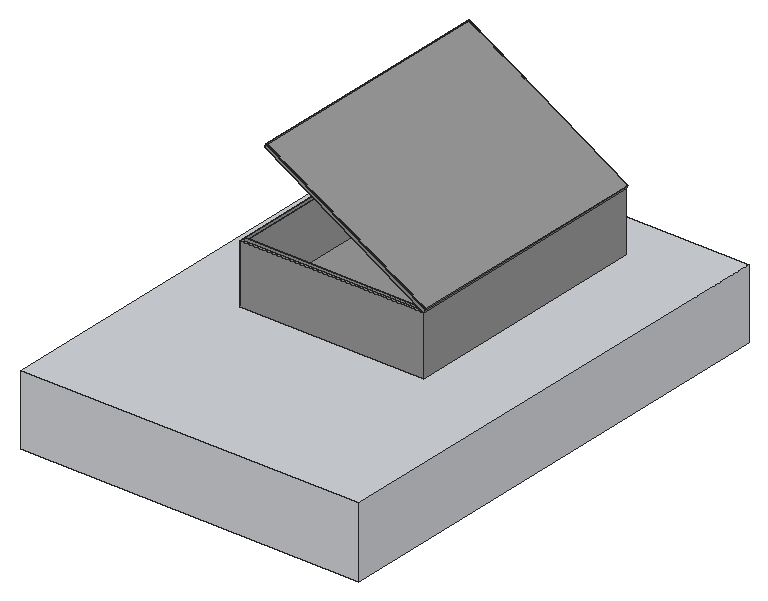
Revit family "Hager-Univers-IP55-D275-H1100-Cl.I-Steel_encl-CH-fr", category Equipement électrique, Revit 2020
Family settings
  Hôte = Face
  Configuration du panneau = Deux colonnes, circuits au sein
  Cote de connecteur circulaire = Utiliser le diamètre
  Type d'élément = Tableau de raccordement
  Couper avec des vides une fois chargée = Non
  Partagée = Non
  Point de calcul de pièce = Non
Parameters (values of type "saillie IP55 L800 H1100 P275  - FR73E")
  Width Control [instance] = if([EF000008 - largeur] > Min Width, [EF000008 - largeur], Min Width)  # 800 mm
  Commentaires du type = [HG000003 - Gamme]  # "Univers"
  Thickness Door [instance] = if([EF009171 - épaisseur de matériau de la porte/du couvercle] > 3 mm, 3 mm, [EF009171 - épaisseur de matériau de la porte/du couvercle])  # 1.5 mm
  Seal Frame Offset [instance] = 17 mm  # constant formula
  Plinth Visibility [instance] = [HG000027 - Hauteur du socle] > 0 mm  # no
  Model = ""
  Min Width [instance] = 100 mm  # constant formula
  Min Height [instance] = 100 mm  # constant formula
  Min Depth [instance] = (2 * [EF009170 - épaisseur de matériau du boîtier]) + 1 mm  # 4 mm
  Internal Frame Depth [instance] = (Door System Depth * 0.5)  # 9 mm
  Height Control [instance] = if([EF000040 - hauteur] > Min Height, [EF000040 - hauteur], Min Height)  # 1100 mm
  HG000027 - Hauteur du socle = 0 mm
  HG000026 - Installation au sol = no
  HG000024 - Hauteur de la section basse = 800 mm
  HG000023 - Armoire double section = no
  HG000016 - Visibilité de la porte 3D [instance] = yes
  HG000015 - Visibilité de l'emprise de la porte [instance] = no
  HG000014 - Porte à droite [instance] = yes
  HG000013 - Porte à gauche [instance] = not([HG000014 - Porte à droite])  # no
  HG000012 - Angle de pivotement de la porte [instance] = 30.00°
  HG000010 - Portes asymétriques = no
  HG000009 - Porte à double battant = no
  HG000006 - Encastré = no
  HG000004 - Référence fabricant = "FR73E"
  HG000003 - Gamme = "Univers"
  HG000002 - avec porte = yes
  Frame Offset Bottom [instance] = 10 mm  # constant formula
  Frame Offset [instance] = 15 mm  # constant formula
  EF015940 - couvercle avec décharge de pression = no
  EF011959 - degré de protection (NEMA) = ""
  EF009554 - nombre d'ouvertures pour plaques à bride = 6
  Fabricant = "Hager"  # constant formula
  EF009212 - finition du couvercle = "EV000116 - fermé"
  EF009171 - épaisseur de matériau de la porte/du couvercle = 1.5 mm
  EF009170 - épaisseur de matériau du boîtier = 1.5 mm
  EF008873 - courant nominal (In) = 800 A
  EF007800 - adapté à un parafoudre = no
  EF006306 - avec serrure = no
  EF006244 - couvercle/porte transparent(e) = no
  EF005474 - indice de protection (IP) = "EV006420 - IP55"
  EF004464 - type de porte = "EV002646 - unique"
  EF004427 - nombre de modules = 252
  EF004293 - indice de protection contre les chocs (IK) = "EV008784 - IK10"
  EF003532 - convient pour utilisation à l’extérieur = no
  EF002950 - largeur en nombre de modules = 24
  EF001613 - maintien de fonction = "EV000494 - sans"
  EF001596 - matériau du boîtier/corps = "EV000179 - acier"
  EF001131 - profondeur intérieure = 275 mm
  EF001088 - possibilité de montage en saillie = yes
  EF000437 - nombre d'entrées de conduit = 6
  EF000339 - type de capot = "EV004216 - porte"
  EF000266 - nombre de rangées = 7
  EF000218 - profondeur d'encastrement = 0 mm
  EF000118 - avec cadre/support de montage = no
  EF000116 - numéro RAL = "7035"
  EF000049 - profondeur = 275 mm
  EF000040 - hauteur = 1100 mm
  EF000008 - largeur = 800 mm
  EF000007 - couleur = "EV000270 - gris"
  EF000003 - mode de pose = "EV000384 - saillie"
  Door System Leaf Tolerance [instance] = 1.5 mm  # constant formula
  Door System Depth [instance] = 18 mm  # constant formula
  Door Height [instance] = Height Control - [HG000027 - Hauteur du socle]  # 1100 mm
  Depth Control [instance] = if([EF000049 - profondeur] > Min Depth, [EF000049 - profondeur], Min Depth)  # 275 mm
  Default Elevation = 0 mm
  Connector Offset [instance] = Height Control / 2  # 550 mm
  Bottom Top Plate Trim [instance] = 1.5 mm  # constant formula
  Plinth height Ctrl [instance] = if([HG000027 - Hauteur du socle] > 0 mm, [HG000027 - Hauteur du socle], 12 mm)  # 12 mm
Types (5, lengths in mm): name | Width Control | HG000010 - Portes asymétriques | HG000009 - Porte à double battant | HG000004 - Référence fabricant | EF009554 - nombre d'ouvertures pour plaques à bride | EF004464 - type de porte | EF004427 - nombre de modules | EF000437 - nombre d'entrées de conduit | EF000008 - largeur
  saillie IP55 L1050 H1100 P275  - FR74E | 1050 | no | yes | "FR74E" | 8 | "EV003602 - double" | 336 | 8 | 1050
  saillie IP55 L1300 H1100 P275  - FR75E | 1300 | yes | yes | "FR75E" | 10 | "EV003602 - double" | 420 | 10 | 1300
  saillie IP55 L300 H1100 P275  - FR71E | 300 | no | no | "FR71E" | 2 | "EV002646 - unique" | 84 | 2 | 300
  saillie IP55 L550 H1100 P275  - FR72E | 550 | no | no | "FR72E" | 4 | "EV002646 - unique" | 168 | 4 | 550
  saillie IP55 L800 H1100 P275  - FR73E | 800 | no | no | "FR73E" | 6 | "EV002646 - unique" | 252 | 6 | 800
Reference planes
  plane 1 "Center (Front/Back)": y = 0
  plane 2: z = 0
  plane 3 "Center (Left/Right)": x = 0
  plane 4: z = 275
  plane 5: y = 1.5
  plane 6: y = 550
  plane 7: y = 0
  plane 8: y = 1100
  plane 9: z = 0
  plane 10: x = -385
  plane 11: x = 385
  plane 12: x = 383.5
  plane 13: x = -383.5
  plane 14: y = 1098.5
  plane 15: x = -383
  plane 16: x = -400
  plane 17: x = 383
  plane 18: x = 400
  plane 19: x = 398.5
  plane 20: x = -398.5
  plane 21: y = 11.5
  plane 22: y = 1100
  plane 23: y = 1083.5
  plane 24: z = 257
  plane 25: z = 1.5
  plane 26: z = 255.5
  plane 27: z = 273.5
Forms (mm)
  Extrusion 1, solid
    sketch origin (0, 0, 0) x (1, 0, 0) y (0, 1, 0)
      loop
        line (-702.964, 1305) -> (-702.964, -811.445) -> (766.763, -811.445) -> (766.763, 1305) -> (-702.964, 1305)
    from 0 to -304.8
  Extrusion 2, solid, material "Hager_Steel_RAL7035_Light_Grey", visible <- "Plinth Visibility", detail levels medium+fine
    sketch origin (0, 0, 0) x (1, 0, 0) y (0, 1, 0)
      loop
        line (-400, 0) -> (400, 0) -> (400, 12) -> (-400, 12) -> (-400, 0)
    from 0 to 257
  Extrusion 3, solid, material "Hager_Steel_RAL7035_Light_Grey", detail levels medium+fine
    sketch origin (0, 0, 0) x (1, 0, 0) y (0, 1, 0)
      loop
        line (-400, 0) -> (400, 0) -> (400, 1100) -> (-400, 1100) -> (-400, 0)
    from 0 to 257
  Extrusion 4, void
    sketch origin (0, 0, 0) x (1, 0, 0) y (0, 1, 0)
      loop
        line (-398.5, 1.5) -> (398.5, 1.5) -> (398.5, 1098.5) -> (-398.5, 1098.5) -> (-398.5, 1.5)
    from 1.5 to 255.5
  Extrusion 5, void
    sketch origin (-381.607, -4572, 257) x (0, -1, 0) y (-1, 0, 0)
      loop
        line (-4583.5, 1.893) -> (-5655.5, 1.893) -> (-5655.5, -765.107) -> (-4583.5, -765.107) -> (-4583.5, 1.893)
    from 0 to 1.5 <- "EF009170 - épaisseur de matériau du boîtier"
  Extrusion 6, solid, material "Hager_Steel_RAL7035_Light_Grey", detail levels fine
    sketch origin (0, 0, 257) x (1, 0, 0) y (0, 1, 0)
      loop
        line (-383.5, 1083.5) -> (-383.5, 11.5) -> (383.5, 11.5) -> (383.5, 1083.5) -> (-383.5, 1083.5)
      loop
        line (-385, 10) -> (385, 10) -> (385, 1085) -> (-385, 1085) -> (-385, 10)
    from 0 to 9 <- "Internal Frame Depth"
  Extrusion 7, solid, material "Hager_Steel_RAL7035_Light_Grey", detail levels coarse
    sketch origin (0, 0, 0) x (1, 0, 0) y (0, 1, 0)
      loop
        line (-400, 0) -> (400, 0) -> (400, 1100) -> (-400, 1100) -> (-400, 0)
    from 0 to 275
  Sweep 8, void
    path in 3D
      loop
        line (-400, 12, 0) -> (400, 12, 0) -> (400, 12, 257) -> (-400, 12, 257) -> (-400, 12, 0)
    profile origin (-400, 12, 128.5) x (-1, 0, 0) y (0, -1, 0)
      loop
        line (0, 0) -> (0, 1.5) -> (-1.5, 1.5)
        arc (-1.5, 1.5) -> (-1.061, 0.439) -> (0, 0) r 1.5
Cuts and joins
  Extrusion 4, Extrusion 5 cuts Extrusion 3
  Sweep 8 cuts Extrusion 2
Lines and regions (mm)
  Masking region 1
    outline origin (0, 0, 0) x (1, 0, 0) y (0, 0, 1)
      loop
        line (-400, 275) -> (-400, 0) -> (400, 0) -> (400, 275) -> (-400, 275)
  Masking region 2, detail levels medium+fine
    outline origin (0, 140, 0) x (0, 1, 0) y (0, 0, 1)
      loop
        line (-140, 0) -> (960, 0) -> (960, 257) -> (-140, 257) -> (-140, 0)
  Masking region 3, not visible, detail levels medium+fine
    outline origin (0, 297.922, 0) x (0, 1, 0) y (0, 0, 1)
      loop
        line (263.578, 0) -> (303.578, 0) -> (303.578, 263.5)
        arc (303.578, 263.5) -> (300.649, 270.571) -> (293.578, 273.5) r 10
        line (293.578, 273.5) -> (263.578, 273.5) -> (263.578, 0)
  Masking region 4, detail levels coarse
    outline origin (0, 0, 180) x (0, 1, 0) y (0, 0, 1)
      loop
        line (0, -180) -> (1100, -180) -> (1100, 95) -> (0, 95) -> (0, -180)
  Masking region 5, visible <- "Plinth Visibility", detail levels medium+fine
    outline origin (0, 52.24, 12.345) x (0, 0, -1) y (0, 1, 0)
      loop
        line (10.845, -40.24) -> (-243.155, -40.24)
        arc (-243.155, -40.24) -> (-243.594, -41.301) -> (-244.655, -41.74) r 1.5
        line (-244.655, -41.74) -> (-244.655, -52.24) -> (12.345, -52.24) -> (12.345, -41.74)
        arc (12.345, -41.74) -> (11.285, -41.301) -> (10.845, -40.24) r 1.5
  Masking region 6, detail levels medium+fine
    outline origin (-381.607, -4572, 257) x (-1, 0, 0) y (0, -1, 0)
      loop
        line (18.393, -5672) -> (18.393, -4572) -> (-781.607, -4572) -> (-781.607, -5672) -> (18.393, -5672)
  Masking region 7, visible <- "Plinth Visibility", detail levels medium+fine
    outline origin (-381.607, -4727, 257) x (-1, 0, 0) y (0, -1, 0)
      loop
        arc (16.893, -4739) -> (17.332, -4737.939) -> (18.393, -4737.5) r 1.5
        line (18.393, -4737.5) -> (18.393, -4727) -> (-781.607, -4727) -> (-781.607, -4737.5)
        arc (-781.607, -4737.5) -> (-780.546, -4737.939) -> (-780.107, -4739) r 1.5
        line (-780.107, -4739) -> (16.893, -4739)
  Masking region 8, detail levels coarse
    outline origin (-442.548, -4669.526, 257) x (-1, 0, 0) y (0, -1, 0)
      loop
        line (-42.548, -5769.526) -> (-42.548, -4669.526) -> (-842.548, -4669.526) -> (-842.548, -5769.526) -> (-42.548, -5769.526)
  sketch lines
    curve 1: line (-400, 12, 257) -> (-400, 12, 0)
    curve 2: line (400, 12, 257) -> (-400, 12, 257)
    curve 3: line (400, 12, 257) -> (400, 12, 0)
    curve 4: line (-400, 12, 0) -> (400, 12, 0)
Dimensions and locks
  "Depth Control": plane 4 to Extrusion 1
  "HG000027 - Hauteur du socle": plane 1 "Center (Front/Back)" to plane 7
  "EF009170 - épaisseur de matériau du boîtier": plane 5 to plane 7
  locked: connector elem to plane 3 "Center (Left/Right)"
  equal spacing: plane 8, plane 6, plane 7
  locked: connector elem to plane 6
  "EF009170 - épaisseur de matériau du boîtier": plane 8 to plane 14
  "EF009170 - épaisseur de matériau du boîtier": plane 10 to plane 13
  "EF009170 - épaisseur de matériau du boîtier": plane 12 to plane 11
  "Frame Offset": plane 20 to plane 13
  "Frame Offset": plane 12 to plane 19
  "EF009170 - épaisseur de matériau du boîtier": plane 16 to plane 20
  "EF009170 - épaisseur de matériau du boîtier": plane 19 to plane 18
  "Seal Frame Offset": plane 16 to plane 15
  "Seal Frame Offset": plane 17 to plane 18
  "Frame Offset Bottom": plane 21 to plane 5
  "Frame Offset": plane 14 to plane 23
  equal spacing: plane 16, plane 3 "Center (Left/Right)", plane 18
  "Width Control": plane 16 to plane 18
  "EF009170 - épaisseur de matériau du boîtier": plane 4 to plane 27
  "EF009170 - épaisseur de matériau du boîtier": plane 24 to plane 26
  "EF009170 - épaisseur de matériau du boîtier": plane 25 to level
  "Door System Depth": plane 4 to plane 24
  "Height Control": plane 1 "Center (Front/Back)" to Extrusion 7 sketch curve
  "Height Control": Masking region 4 sketch curve to plane 1 "Center (Front/Back)"
  "Height Control": plane 1 "Center (Front/Back)" to plane 22
  "Bottom Top Plate Trim": profile plane to Sweep 8 sketch curve
  "Bottom Top Plate Trim": Sweep 8 sketch curve to profile plane
  "Plinth height Ctrl": plane 1 "Center (Front/Back)" to Extrusion 2 sketch curve
  "Plinth height Ctrl": Masking region 5 sketch curve to plane 1 "Center (Front/Back)"
  "Plinth height Ctrl": plane 1 "Center (Front/Back)" to Masking region 7 sketch curve
  "Thickness Door": Extrusion 6 sketch curve to Extrusion 6 sketch curve  (x3)
  "Thickness Door": cut or joined group of Extrusion 3, Extrusion 4, Extrusion 5 to Extrusion 6 sketch curve
  radius of Masking region 3 sketch curve = 10 mm
  "Bottom Top Plate Trim": radius of Masking region 5 sketch curve  (x2)
  "Bottom Top Plate Trim": radius of Sweep 8 sketch curve
  "Bottom Top Plate Trim": radius of Masking region 7 sketch curve  (x2)
  aligned and locked: plane 2 to Extrusion 1
  aligned and locked: level to Extrusion 1
  aligned and locked: level to Masking region 1 sketch curve
  aligned and locked: Masking region 1 sketch curve to plane 18
  aligned and locked: Masking region 1 sketch curve to plane 16
  aligned and locked: plane 7 to Masking region 2 sketch curve
  aligned and locked: level to Masking region 3 sketch curve
  aligned and locked: Masking region 3 sketch curve to plane 27
  aligned and locked: level to Masking region 2 sketch curve
  aligned and locked: plane 1 "Center (Front/Back)" to Extrusion 2 sketch curve
  aligned and locked: Extrusion 3 sketch curve to plane 7
  aligned and locked: plane 16 to Extrusion 3 sketch curve
  aligned and locked: plane 18 to Extrusion 3 sketch curve
  aligned and locked: plane 20 to Extrusion 4 sketch curve
  aligned and locked: plane 19 to Extrusion 4 sketch curve
  aligned and locked: Extrusion 4 sketch curve to plane 5
  aligned and locked: Extrusion 4 to plane 25
  aligned and locked: plane 26 to Extrusion 4
  aligned and locked: plane 24 to Extrusion 3
  aligned and locked: Extrusion 5 sketch curve to plane 21
  aligned and locked: Extrusion 5 sketch curve to plane 13
  aligned and locked: Extrusion 5 sketch curve to plane 12
  aligned and locked: plane 18 to Extrusion 7 sketch curve
  aligned and locked: plane 1 "Center (Front/Back)" to Extrusion 7 sketch curve
  aligned and locked: plane 16 to Extrusion 7 sketch curve
  aligned and locked: plane 4 to Extrusion 7
  aligned and locked: Extrusion 7 to level
  aligned and locked: level to Masking region 4 sketch curve
  aligned and locked: Masking region 4 sketch curve to plane 1 "Center (Front/Back)"
  aligned and locked: Masking region 4 sketch curve to plane 4
  aligned and locked: nested 1 to level
  aligned and locked: nested 1 to plane 16
  aligned and locked: plane 8 to Extrusion 3 sketch curve
  aligned and locked: plane 23 to Extrusion 5 sketch curve
  aligned and locked: plane 14 to Extrusion 4 sketch curve
  aligned and locked: Masking region 2 sketch curve to plane 8
  aligned and locked: level to Masking region 5 sketch curve
  aligned and locked: plane 16 to Extrusion 2 sketch curve
  aligned and locked: plane 18 to Extrusion 2 sketch curve
  aligned and locked: Masking region 5 sketch curve to plane 24
  aligned and locked: Masking region 2 sketch curve to plane 24
  aligned and locked: plane 24 to Extrusion 2
  aligned and locked: profile plane to Sweep 8 sketch curve  (x2)
  aligned and locked: Masking region 6 sketch curve to plane 18
  aligned and locked: Masking region 6 sketch curve to plane 22
  aligned and locked: Masking region 6 sketch curve to plane 16
  aligned and locked: plane 8 to plane 22
  aligned and locked: Masking region 6 sketch curve to plane 7
  aligned and locked: Masking region 7 sketch curve to plane 16
  aligned and locked: Masking region 7 sketch curve to plane 1 "Center (Front/Back)"
  aligned and locked: Masking region 7 sketch curve to plane 18
  aligned and locked: Masking region 8 sketch curve to plane 1 "Center (Front/Back)"
  aligned and locked: Masking region 8 sketch curve to plane 18
  aligned and locked: Masking region 8 sketch curve to plane 22
  aligned and locked: Masking region 8 sketch curve to plane 16
  aligned and locked: nested 2 to plane 7
  aligned and locked: plane 3 "Center (Left/Right)" to nested 2
  aligned and locked: nested 2 to plane 24
  aligned and locked: Extrusion 6 sketch curve to cut or joined group of Extrusion 3, Extrusion 4, Extrusion 5  (x4)
Automatic sketch dimensions
  Extrusion 1 sketch curve to Extrusion 1 sketch curve = 1469.727 mm
  Extrusion 1 sketch curve to Extrusion 1 sketch curve = 2116.445 mm
  Masking region 1 sketch curve to plane 4 = 0 mm
  plane 6 to Masking region 3 sketch curve = 11.5 mm
  Masking region 3 sketch curve to Masking region 3 sketch curve = 30 mm
  Masking region 5 sketch curve to plane 1 "Center (Front/Back)" = 0 mm
Nested families
  nested 1: "Hager_Enclosure_Symbol" at (-400, 0, 0) x (1, 0, 0) z (0, -1, 0), Height <- "Depth Control", Width <- "Width Control", type "Hager_Enclosure_Symbol"
    with Width_Ctrl 800 mm, Width 800 mm, Height_Ctrl 275 mm, Height 275 mm, A_Width_Int 18.047 mm, A_Width 216.562 mm, A_Height_Ctrl 240.625 mm, A_Height 240.625 mm
  nested 2: "EC000058_Univers_Door" at (0, 0, 257) x (1, 0, 0) z (0, 1, 0), Leaf_Tolerance <- "Door System Leaf Tolerance", Angle <- "HG000012 - Angle de pivotement de la porte", Door_Depth <- "Door System Depth", Door_Left <- "HG000013 - Porte à gauche", Transparent <- "EF006244 - couvercle/porte transparent(e)", Assymetrical <- "HG000010 - Portes asymétriques", Width <- "Width Control", Clearance <- "HG000015 - Visibilité de l'emprise de la porte", Double <- "HG000009 - Porte à double battant", 3d_Door <- "HG000016 - Visibilité de la porte 3D", Lock_Visibility <- "EF006306 - avec serrure", Width_Ctrl <- "Width Control", Door_Right <- "HG000014 - Porte à droite", Door <- "HG000002 - avec porte", Height <- "Door Height", Thickness <- "Thickness Door", type "EC000058_Univers_Door", detail levels medium+fine
    with min_wh 4 mm, Width_Ctrl 800 mm, Width 800 mm, Transparent no, Thickness 1.5 mm, Seal_Material Hager_Rubber, Lock_Visibility no, Lock_Material Hager_Plastic_RAL9005_Jet_Black, Leaf_Width 800 mm, Leaf_Tolerance_External_Sides 0 mm, Leaf_Tolerance 1.5 mm, Leaf_Offset 0 mm, Leaf_Height 1097 mm, Leaf_2_Width 800 mm, Leaf_2_Offset 400 mm, Leaf_1_Width 800 mm, Leaf_1_Offset 400 mm, Height_Ctrl 1100 mm, Height 1100 mm, Glass_Material Hager_Glass, Double_Clearance_Ctrl no, Double no, Door_Right_Ctrl yes, Door_Right yes, Door_Material Hager_Steel_RAL7035_Light_Grey, Door_Left_Ctrl no, Door_Left no, Door_Depth 18 mm, Door yes, Clearance_Material Hager_Clearance, Clearance_Depth 800 mm, Clearance_Ctrl no, Clearance no, Assymetrical no, Angle 30.00°, 3d_Door yes
Connectors
  electrical at (0, 550, 0)
    settings: on plane 9, index 1, voltage 0 V, apparent load 0 VA, apparent load phase1 0 VA, apparent load phase2 0 VA, apparent load phase3 0 VA, power factor 1, load classification "Other", number of poles 1, system type 30, power factor state 1, is connector primary yes, connector utility no, sub classification motor no, connector description ""
Definition of nested family "EC000058_Univers_Door"
  Parameters (values of type "EC000058_Univers_Door")
    min_wh [instance] = (2 * Thickness) + 1 mm  # 11 mm
    Width_Ctrl [instance] = 400 mm
    Width [instance] = 500 mm
    Transparent [instance] = yes
    Thickness [instance] = 5 mm
    Seal_Material [instance] = none
    Lock_Visibility [instance] = yes
    Lock_Material [instance] = none
    Leaf_Width [instance] = if((Width_Ctrl - 2 * Leaf_Tolerance_External_Sides) > 0 mm, (Width_Ctrl - 2 * Leaf_Tolerance_External_Sides), min_wh)  # 400 mm
    Leaf_Tolerance_External_Sides [instance] = 0 mm  # constant formula
    Leaf_Tolerance [instance] = 1.5 mm
    Leaf_Offset [instance] = 0 mm  # constant formula
    Leaf_Height [instance] = if((Height_Ctrl - 2 * Leaf_Tolerance) > 0 mm, (Height_Ctrl - 2 * Leaf_Tolerance), min_wh)  # 497 mm
    Leaf_2_Width [instance] = if(and(and(Double, Assymetrical), Door_Left), (Leaf_Width / 3) - (Leaf_Tolerance / 2), if(and(and(Double, Assymetrical), Door_Right), (Leaf_Width / 3) * 2 - (Leaf_Tolerance / 2), if(and(Double, not(Assymetrical)), (Leaf_Width / 2) - Leaf_Tolerance, Leaf_Width)))  # 400 mm
    Leaf_2_Offset [instance] = if(and(Double, Assymetrical), Leaf_2_Width / 2, if(and(Double, not(Assymetrical)), Leaf_Width / 4, Leaf_Width / 2))  # 200 mm
    Leaf_1_Width [instance] = if(and(and(Double, Assymetrical), Door_Right), (Leaf_Width / 3) - (Leaf_Tolerance / 2), if(and(and(Double, Assymetrical), Door_Left), (Width / 3) * 2 - (Leaf_Tolerance / 2), if(and(Double, not(Assymetrical)), (Leaf_Width / 2) - Leaf_Tolerance, Leaf_Width)))  # 400 mm
    Leaf_1_Offset [instance] = if(and(Double, Assymetrical), Leaf_1_Width / 2, if(and(Double, not(Assymetrical)), Leaf_Width / 4, Leaf_Width / 2))  # 200 mm
    Height_Ctrl [instance] = if(Height > min_wh, Height, min_wh)  # 500 mm
    Height [instance] = 500 mm
    Glass_Material [instance] = none
    Double_Clearance_Ctrl [instance] = and(Double, Clearance)  # no
    Double [instance] = no
    Door_Right_Ctrl [instance] = and(or(Door_Right, Double), Door)  # yes
    Door_Right [instance] = yes
    Door_Material [instance] = none
    Door_Left_Ctrl [instance] = and(or(Door_Left, Double), Door)  # no
    Door_Left [instance] = no
    Door_Depth [instance] = 30 mm
    Door [instance] = yes
    Default Elevation = 1219.2 mm
    Clearance_Material [instance] = none
    Clearance_Depth [instance] = if(Leaf_1_Width > Leaf_2_Width, Leaf_1_Width, Leaf_2_Width)  # 400 mm
    Clearance_Ctrl [instance] = and(not(Double), Clearance)  # yes
    Clearance [instance] = yes
    Assymetrical [instance] = yes
    Angle [instance] = 30.00°
    3d_Door [instance] = yes
  Reference planes
    plane 1 "Center (Front/Back)": y = 0
    plane 2 "Bottom": z = 0
    plane 3 "Center (Left/Right)": x = 0
    plane 4: z = 500
    plane 5: x = -200
    plane 6: x = 200
    plane 7: z = 500
    plane 8: x = -200
    plane 9: z = 0
    plane 10: x = 200
    plane 11: y = 0
    plane 12: z = 1.5
    plane 13: x = -600
    plane 14: y = -400
    plane 15: x = 600
    plane 16: x = 0
    plane 17: x = 0
    plane 18: x = -200
    plane 19: x = 200
    plane 20: z = 498.5
  Forms (mm)
    Extrusion 1, solid, material <- "Clearance_Material", visible <- "Double_Clearance_Ctrl"
      sketch origin (1200, 0, 0) x (1, 0, 0) y (0, 0, -1)
        loop
          line (-1800, -498.5) -> (-600, -498.5) -> (-600, 0) -> (-1800, 0) -> (-1800, -498.5)
      from 0 to -400
  Dimensions and locks
    equal spacing: plane 5, plane 3 "Center (Left/Right)", plane 6
    "Width_Ctrl": plane 5 to plane 6
    "Leaf_Offset": plane 5 to plane 8
    "Leaf_Offset": plane 6 to plane 10
    "Leaf_Offset": plane 9 to level
    "Leaf_Offset": plane 4 to plane 7
    "Height_Ctrl": plane 4 to level
    "Leaf_Tolerance": plane 12 to plane 9
    locked: plane 11 to plane 1 "Center (Front/Back)"
    "Leaf_1_Offset": plane 18 to plane 16
    "Leaf_2_Offset": plane 17 to plane 19
    "Leaf_1_Width": plane 13 to plane 8
    "Leaf_2_Width": plane 10 to plane 15
    "Clearance_Depth": plane 14 to plane 1 "Center (Front/Back)"
    "Leaf_Tolerance_External_Sides": plane 8 to plane 18
    "Leaf_Tolerance_External_Sides": plane 19 to plane 10
    "Leaf_Tolerance": plane 7 to plane 20
    aligned and locked: level to plane 2 "Bottom"
    aligned and locked: nested 1 to plane 16
    aligned and locked: nested 2 to plane 17
    aligned and locked: Extrusion 1 to plane 13
    aligned and locked: plane 15 to Extrusion 1
    aligned and locked: Extrusion 1 to plane 14
    aligned and locked: plane 12 to nested 1
    aligned and locked: nested 2 to plane 12
    aligned and locked: Extrusion 1 to plane 11
    aligned and locked: plane 20 to Extrusion 1
    aligned and locked: nested 2 to plane 11
    aligned and locked: nested 1 to plane 11
  Automatic sketch dimensions
    Extrusion 1 sketch curve to level = 0 mm
    plane 5 to Extrusion 1 sketch curve = 400 mm
    plane 6 to Extrusion 1 sketch curve = 400 mm
    Extrusion 1 sketch curve to plane 4 = 1.5 mm
  Nested families
    nested 1: "EC000058_Univers_Door_Leaf" at (0, 0, 1.5), Width <- "Leaf_1_Width", visible <- "Door_Left_Ctrl", Leaf_Height <- "Leaf_Height", Angle <- "Angle", 3d_Door <- "3d_Door", Transparent <- "Transparent", Clearance Material <- "Clearance_Material", Clearance <- "Clearance_Ctrl", Door_Material <- "Door_Material", Glass_Material <- "Glass_Material", Door_Depth <- "Door_Depth", Lock_Material <- "Lock_Material", Seal_Material <- "Seal_Material", Lock_Visibility <- "Lock_Visibility", Thickness <- "Thickness", type "EC000058_Univers_Door_Leaf"
      with Width 400 mm, Transparent_Glass_Offset 30 mm, Transparent_Ctrl yes, Transparent yes, Thickness 5 mm, Standard no, Seal_Material none, Seal_D2 8 mm, Seal_D1 1 mm, Offset_Internal_Frame 10 mm, Lock_Width 20 mm, Lock_Visibility_3d yes, Lock_Visibility yes, Lock_Thickness_3 3 mm, Lock_Thickness_2 1 mm, Lock_Thickness_1 3 mm, Lock_Radius_Offset_2 16 mm, Lock_Radius_Offset_1 15 mm, Lock_Radius_2 5 mm, Lock_Radius 6 mm, Lock_Offset 5 mm, Lock_Material none, Lock_Height 80 mm, Lock_Cover_Top_Offset_2d 17 mm, Lock_Cover_Height -65 mm, Leaf_Height 497 mm, Internal_Seal_Thickness 8 mm, Internal_Seal_Depth_2 4.5 mm, Internal_Frame_Depth 25 mm, Glass_Thickness -1 mm, Glass_Offset -2 mm, Glass_Material none, Door_Material none, Door_Depth 30 mm, Clearance Material none, Clearance yes, Angle_Ctrl 30.00°, Angle 30.00°, 3d_Door yes
    nested 2: "EC000058_Univers_Door_Leaf" at (0, 0, 1.5) x (-1, 0, 0) z (0, 0, 1), Width <- "Leaf_2_Width", visible <- "Door_Right_Ctrl", Leaf_Height <- "Leaf_Height", Angle <- "Angle", 3d_Door <- "3d_Door", Transparent <- "Transparent", Clearance Material <- "Clearance_Material", Clearance <- "Clearance_Ctrl", Door_Material <- "Door_Material", Glass_Material <- "Glass_Material", Door_Depth <- "Door_Depth", Lock_Material <- "Lock_Material", Seal_Material <- "Seal_Material", Lock_Visibility <- "Lock_Visibility", Thickness <- "Thickness", type "EC000058_Univers_Door_Leaf"
      with Width 400 mm, Transparent_Glass_Offset 30 mm, Transparent_Ctrl yes, Transparent yes, Thickness 5 mm, Standard no, Seal_Material none, Seal_D2 8 mm, Seal_D1 1 mm, Offset_Internal_Frame 10 mm, Lock_Width 20 mm, Lock_Visibility_3d yes, Lock_Visibility yes, Lock_Thickness_3 3 mm, Lock_Thickness_2 1 mm, Lock_Thickness_1 3 mm, Lock_Radius_Offset_2 16 mm, Lock_Radius_Offset_1 15 mm, Lock_Radius_2 5 mm, Lock_Radius 6 mm, Lock_Offset 5 mm, Lock_Material none, Lock_Height 80 mm, Lock_Cover_Top_Offset_2d 17 mm, Lock_Cover_Height -65 mm, Leaf_Height 497 mm, Internal_Seal_Thickness 8 mm, Internal_Seal_Depth_2 4.5 mm, Internal_Frame_Depth 25 mm, Glass_Thickness -1 mm, Glass_Offset -2 mm, Glass_Material none, Door_Material none, Door_Depth 30 mm, Clearance Material none, Clearance yes, Angle_Ctrl 30.00°, Angle 30.00°, 3d_Door yes
  Definition of nested family "EC000058_Univers_Door_Leaf"
    Parameters (values of type "EC000058_Univers_Door_Leaf")
      Width [instance] = 2000 mm
      Transparent_Glass_Offset [instance] = 30 mm
      Transparent_Ctrl [instance] = and(Transparent, [3d_Door])  # yes
      Transparent [instance] = yes
      Thickness [instance] = 5 mm
      Standard [instance] = and(not(Transparent), [3d_Door])  # no
      Seal_Material [instance] = none
      Seal_D2 [instance] = 8 mm  # constant formula
      Seal_D1 [instance] = 1 mm  # constant formula
      Offset_Internal_Frame [instance] = 10 mm  # constant formula
      Lock_Width [instance] = 20 mm  # constant formula
      Lock_Visibility_3d [instance] = and(Lock_Visibility, [3d_Door])  # yes
      Lock_Visibility [instance] = yes
      Lock_Thickness_3 [instance] = 3 mm  # constant formula
      Lock_Thickness_2 [instance] = 1 mm  # constant formula
      Lock_Thickness_1 [instance] = 3 mm  # constant formula
      Lock_Radius_Offset_2 [instance] = Lock_Radius_Offset_1 + 1 mm  # 16 mm
      Lock_Radius_Offset_1 [instance] = 15 mm  # constant formula
      Lock_Radius_2 [instance] = Lock_Radius - 1 mm  # 5 mm
      Lock_Radius [instance] = 6 mm  # constant formula
      Lock_Offset [instance] = 5 mm  # constant formula
      Lock_Material [instance] = none
      Lock_Height [instance] = 80 mm  # constant formula
      Lock_Cover_Top_Offset_2d [instance] = Lock_Radius_Offset_2 + 1 mm  # 17 mm
      Lock_Cover_Height [instance] = -(Lock_Height - Lock_Radius_Offset_1)  # -65 mm
      Leaf_Height [instance] = 2720.336 mm
      Internal_Seal_Thickness [instance] = 8 mm  # constant formula
      Internal_Seal_Depth_2 [instance] = 4.5 mm  # constant formula
      Internal_Frame_Depth [instance] = if(Door_Depth - Thickness > 5 mm, Door_Depth - Thickness, 5 mm)  # 25 mm
      Glass_Thickness [instance] = if(Thickness > 15 mm, Glass_Offset + 10 mm, -1 mm)  # -1 mm
      Glass_Offset [instance] = if(Thickness > 15 mm, -(Thickness + 10 mm) / 2, -2 mm)  # -2 mm
      Glass_Material [instance] = none
      Door_Material [instance] = none
      Door_Depth [instance] = 30 mm
      Default Elevation = 0 mm
      Clearance Material [instance] = none
      Clearance [instance] = yes
      Angle_Ctrl [instance] = if(Angle > 180.00°, 180.00°, Angle)  # 90.00°
      Angle [instance] = 90.00°
      3d_Door [instance] = yes
    Reference planes
      plane 1 "Center (Front/Back)": y = 0
      plane 2: z = 0
      plane 3 "Center (Left/Right)": x = 0
      plane 4: y = 2000
      plane 5: x = -1000
      plane 6: x = 1000
      plane 7: x = -3000
      plane 8: z = 2720.336
      plane 9: z = 30
      plane 10: z = 2690.336
      plane 11: x = 970
      plane 12: x = -970
      plane 13: y = -3
      plane 14: z = 107.833
      plane 15: y = -5
      plane 16: y = -223.314
      plane 17: x = -1000
      plane 18: z = 1360.168
      plane 19: y = 30
    Forms (mm)
      Extrusion 1, solid, material <- "Clearance Material", visible <- "Clearance"
        sketch origin (0, 0, 0) x (1, 0, 0) y (0, 0, 1)
          loop
            line (-3000, 2720.336) -> (-3000, 0) -> (1000, 0) -> (1000, 2720.336) -> (-3000, 2720.336)
        from 0 to -2000
      Extrusion 2, solid, material <- "Door_Material", visible <- "Standard", detail levels medium+fine
        sketch origin (-1000, 0, 0) x (0, 1, 0) y (-1, 0, 0)
          loop
            line (0, 30) -> (0, 25) -> (2000, 25) -> (2000, 30) -> (0, 30)
        from 0 to 2720.336 <- "Leaf_Height"
      Extrusion 3, solid, material <- "Door_Material", visible <- "Transparent_Ctrl", detail levels medium+fine
        sketch origin (-1000, 0, 0) x (0, 1, 0) y (-1, 0, 0)
          loop
            line (0, 25) -> (2000, 25) -> (2000, 30) -> (0, 30) -> (0, 25)
        from 0 to 2720.336 <- "Leaf_Height"
      Extrusion 4, void
        sketch origin (-1025, 2000, 0) x (0, 1, 0) y (0, 0, -1)
          loop
            line (-30, -2690.336) -> (-30, -30) -> (-1970, -30) -> (-1970, -2690.336) -> (-30, -2690.336)
        from 0 to 5 <- "Thickness"
      Sweep 5, solid, material <- "Seal_Material", visible <- "Transparent_Ctrl", detail levels fine
        path in 3D
          loop
            line (-1025, 30, 30) -> (-1025, 30, 2690.336) -> (-1025, 1970, 2690.336) -> (-1025, 1970, 30) -> (-1025, 30, 30)
        profile origin (-1025, 1000, 30) x (1, 0, 0) y (0, 0, 1)
          loop
            line (0, 0) -> (0, -8) -> (1, -8) -> (1, 0) -> (0, 0)
      Extrusion 6, solid, material <- "Glass_Material", visible <- "Transparent_Ctrl", detail levels medium+fine
        sketch origin (-1030, 0, 0) x (0, 1, 0) y (0, 0, -1)
          loop
            line (1970, -2690.336) -> (1970, -30) -> (30, -30) -> (30, -2690.336) -> (1970, -2690.336)
        from -2 <- "Glass_Offset" to -1 <- "Glass_Thickness"
      Extrusion 7, solid, material <- "Door_Material", visible <- "3d_Door", detail levels medium+fine
        sketch origin (-1025, 2000, 0) x (0, -1, 0) y (0, 0, -1)
          loop
            line (0, -2720.336) -> (2000, -2720.336) -> (2000, 0) -> (0, 0) -> (0, -2720.336)
          loop
            line (1995, -5) -> (5, -5) -> (5, -2715.336) -> (1995, -2715.336) -> (1995, -5)
        from 0 to 25 <- "Internal_Frame_Depth"
      Sweep 8, solid, material <- "Seal_Material", visible <- "Transparent_Ctrl", detail levels fine
        path in 3D
          loop
            line (-1025, 0, 0) -> (-1025, 2000, 0) -> (-1025, 2000, 2720.336) -> (-1025, 0, 2720.336) -> (-1025, 0, 0)
        profile origin (-1025, 0, 1360.168) x (1, 0, 0) y (0, 1, 0)
          loop
            line (0, 10) -> (2.975, 10)
            arc (2.975, 10) -> (4.053, 10.447) -> (4.5, 11.525) r 1.525
            line (4.5, 11.525) -> (4.5, 16.527)
            arc (4.5, 16.527) -> (4.069, 17.569) -> (3.027, 18) r 1.473
            line (3.027, 18) -> (0, 18) -> (0, 10)
      Extrusion 9, solid, material <- "Lock_Material", visible <- "Lock_Visibility_3d", detail levels fine
        sketch origin (-1030, 0, 0) x (0, 1, 0) y (0, 0, -1)
          loop
            arc (1993.5, -1400.168) -> (1994.561, -1399.729) -> (1995, -1398.668) r 1.5
            line (1995, -1398.668) -> (1995, -1320.168) -> (1975, -1320.168) -> (1975, -1398.668)
            arc (1975, -1398.668) -> (1975.439, -1399.729) -> (1976.5, -1400.168) r 1.5
            line (1976.5, -1400.168) -> (1993.5, -1400.168)
        from 3 <- "Lock_Thickness_1" to 0
      Blend 10, solid, material <- "Lock_Material", visible <- "Lock_Visibility_3d", detail levels fine
        base sketch origin (-1033, 0, 0) x (0, 1, 0) y (0, 0, -1)
          loop
            line (1975, -1320.168) -> (1975, -1398.668)
            arc (1975, -1398.668) -> (1975.439, -1399.729) -> (1976.5, -1400.168) r 1.5
            line (1976.5, -1400.168) -> (1993.5, -1400.168)
            arc (1993.5, -1400.168) -> (1994.561, -1399.729) -> (1995, -1398.668) r 1.5
            line (1995, -1398.668) -> (1995, -1320.168) -> (1975, -1320.168)
        top sketch origin (-1033, 0, 0) x (0, 1, 0) y (0, 0, -1)
          loop
            line (1976, -1320.168) -> (1976, -1398.668)
            arc (1976, -1398.668) -> (1976.146, -1399.022) -> (1976.5, -1399.168) r 0.5
            line (1976.5, -1399.168) -> (1993.5, -1399.168)
            arc (1993.5, -1399.168) -> (1993.854, -1399.022) -> (1994, -1398.668) r 0.5
            line (1994, -1398.668) -> (1994, -1320.168) -> (1976, -1320.168)
        from 0 to 1 <- "Lock_Thickness_2"
      Blend 11, solid, material <- "Lock_Material", visible <- "Lock_Visibility_3d", detail levels fine
        base sketch origin (-1034, 0, 0) x (0, 1, 0) y (0, 0, -1)
          loop
            line (1978, -1320.168) -> (1978, -1384.168)
            arc (1978, -1384.168) -> (1985, -1391.168) -> (1992, -1384.168) r 7
            line (1992, -1384.168) -> (1992, -1320.168) -> (1978, -1320.168)
        top sketch origin (-1034, 0, 0) x (0, 1, 0) y (0, 0, -1)
          loop
            line (1991, -1320.168) -> (1979, -1320.168) -> (1979, -1383.168)
            arc (1979, -1383.168) -> (1985, -1389.168) -> (1991, -1383.168) r 6
            line (1991, -1383.168) -> (1991, -1320.168)
        from 0 to 3 <- "Lock_Thickness_3"
      Extrusion 12, solid, material <- "Lock_Material", visible <- "Lock_Visibility_3d", detail levels fine
        sketch origin (-1030, 1975, 1320.168) x (1, 0, 0) y (0, -1, 0)
          loop
            line (-7, -19) -> (-7, -1) -> (0, -1) -> (0, 0) -> (-8, 0) -> (-8, -20) -> (0, -20) -> (0, -19) -> (-7, -19)
        from 0 to -65 <- "Lock_Cover_Height"
      Extrusion 13, void
        sketch origin (-1038, 1995, 1320.168) x (-1, 0, 0) y (0, 0, -1)
          loop
            line (-5, -65) -> (0, -65) -> (-5, -60) -> (-5, -65)
        from 0 to 20 <- "Lock_Width"
      Extrusion 14, void
        sketch origin (-1038, 1975, 1320.168) x (0, -1, 0) y (0, 0, -1)
          loop
            circle (-10, -15.995) r 6
          loop
            circle (-10, -15.995) r 5
        from 0 to 2
      Extrusion 15, solid, material <- "Lock_Material", visible <- "Lock_Visibility_3d", detail levels medium
        sketch origin (-1030, 0, 0) x (0, 1, 0) y (0, 0, -1)
          loop
            arc (1993.5, -1400.168) -> (1994.561, -1399.729) -> (1995, -1398.668) r 1.5
            line (1995, -1398.668) -> (1995, -1320.168) -> (1975, -1320.168) -> (1975, -1398.668)
            arc (1975, -1398.668) -> (1975.439, -1399.729) -> (1976.5, -1400.168) r 1.5
            line (1976.5, -1400.168) -> (1993.5, -1400.168)
        from 8 to 0
    Cuts and joins
      Extrusion 4 cuts Extrusion 3
      Extrusion 13, Extrusion 14 cuts Extrusion 9
      Extrusion 14 cuts Blend 11
      Extrusion 13, Extrusion 14 cuts Extrusion 12
      joined: Extrusion 9, Blend 10, Blend 11, Extrusion 12
      Extrusion 14 cuts Extrusion 15
    Lines and regions (mm)
      Masking region 1, visible <- "Lock_Visibility", detail levels fine
        outline origin (0, 0, 0) x (0, 1, 0) y (0, 0, 1)
          loop
            line (30, 1320.168) -> (33, 1320.168) -> (33, 1400.168) -> (30, 1400.168) -> (30, 1320.168)
      Masking region 2, visible <- "Lock_Visibility", detail levels fine
        outline origin (0, 3.143, 0) x (0, 1, 0) y (0, 0, 1)
          loop
            line (29.857, 1354.168) -> (30.857, 1354.168) -> (30.857, 1366.168) -> (29.857, 1366.168) -> (29.857, 1354.168)
      Masking region 3, detail levels medium+fine
        outline origin (0, 0, 0) x (0, 1, 0) y (0, 0, 1)
          loop
            line (0, 0) -> (30, 0) -> (30, 2720.336) -> (0, 2720.336) -> (0, 0)
      Masking region 4, detail levels medium+fine
        outline origin (0, 0, 0) x (1, 0, 0) y (0, 0, 1)
          loop
            line (-1000, 2720.336) -> (-1000, 0) -> (1000, 0) -> (1000, 2720.336) -> (-1000, 2720.336)
      Masking region 5, visible <- "Lock_Visibility", detail levels fine
        outline origin (-47.116, 0, 0) x (1, 0, 0) y (0, 0, 1)
          loop
            arc (1024.616, 1399.168) -> (1023.556, 1398.729) -> (1023.116, 1397.668) r 1.5
            line (1023.116, 1397.668) -> (1023.116, 1320.168) -> (1041.116, 1320.168) -> (1041.116, 1397.668)
            arc (1041.116, 1397.668) -> (1040.677, 1398.729) -> (1039.616, 1399.168) r 1.5
            line (1039.616, 1399.168) -> (1024.616, 1399.168)
      Masking region 6, visible <- "Lock_Visibility", detail levels medium+fine
        outline origin (-25, 0, 0) x (1, 0, 0) y (0, 0, 1)
          loop
            arc (1001.5, 1400.168) -> (1000.439, 1399.729) -> (1000, 1398.668) r 1.5
            line (1000, 1398.668) -> (1000, 1320.168) -> (1020, 1320.168) -> (1020, 1398.668)
            arc (1020, 1398.668) -> (1019.561, 1399.729) -> (1018.5, 1400.168) r 1.5
            line (1018.5, 1400.168) -> (1001.5, 1400.168)
      Masking region 7, visible <- "Lock_Visibility", detail levels fine
        outline origin (-73.735, 0, 0) x (1, 0, 0) y (0, 0, 1)
          loop
            line (1051.735, 1382.168) -> (1065.735, 1382.168) -> (1065.735, 1384.168)
            arc (1065.735, 1384.168) -> (1058.735, 1391.168) -> (1051.735, 1384.168) r 7
            line (1051.735, 1384.168) -> (1051.735, 1382.168)
      Masking region 8, visible <- "Lock_Visibility", detail levels fine
        outline origin (-73.735, 0, 0) x (1, 0, 0) y (0, 0, 1)
          loop
            line (1052.735, 1382.168) -> (1064.735, 1382.168) -> (1064.735, 1383.168)
            arc (1064.735, 1383.168) -> (1058.735, 1389.168) -> (1052.735, 1383.168) r 6
            line (1052.735, 1383.168) -> (1052.735, 1382.168)
      Masking region 9, visible <- "Lock_Visibility", detail levels fine
        outline origin (-25, 0, 0) x (1, 0, 0) y (0, 0, 1)
          loop
            line (1020, 1320.168) -> (1020, 1382.168) -> (1000, 1382.168) -> (1000, 1320.168) -> (1020, 1320.168)
      Masking region 10, detail levels medium+fine
        outline origin (0, 0, 0) x (1, 0, 0) y (0, 0, 1)
          loop
            circle (985, 1335.144) r 6
      Masking region 11, detail levels fine
        outline origin (0, 0, 0) x (1, 0, 0) y (0, 0, 1)
          loop
            circle (985, 1335.144) r 5
      Masking region 12, visible <- "Lock_Visibility", detail levels fine
        outline origin (0, 12.767, 0) x (0, 1, 0) y (0, 0, 1)
          loop
            line (20.233, 1320.168) -> (21.233, 1320.168) -> (21.233, 1399.168) -> (20.233, 1400.168) -> (20.233, 1320.168)
      Masking region 13, visible <- "Lock_Visibility", detail levels fine
        outline origin (0, 13.767, -10) x (0, 1, 0) y (0, 0, 1)
          loop
            line (20.233, 1330.168) -> (23.233, 1330.168) -> (23.233, 1399.168) -> (20.233, 1402.168) -> (20.233, 1330.168)
      Masking region 14, visible <- "Lock_Visibility", detail levels fine
        outline origin (0, 12.767, -10) x (0, 1, 0) y (0, 0, 1)
          loop
            line (20.233, 1330.168) -> (25.233, 1330.168) -> (25.233, 1399.305) -> (20.233, 1394.305) -> (20.233, 1330.168)
      Masking region 15, visible <- "Lock_Visibility", detail levels medium
        outline origin (0, 0, 0) x (0, 1, 0) y (0, 0, 1)
          loop
            line (30, 1320.168) -> (38, 1320.168) -> (38, 1400.168) -> (30, 1400.168) -> (30, 1320.168)
      Masking region 16, visible <- "Lock_Visibility", detail levels fine
        outline origin (-1000, 0, 0) x (0, 1, 0) y (-1, 0, 0)
          loop
            line (1975, 30) -> (1995, 30) -> (1995, 38) -> (1975, 38) -> (1975, 30)
          loop
            line (1979, 37) -> (1976, 37) -> (1976, 34) -> (1978, 34) -> (1979, 37)
          loop
            line (1994, 37) -> (1991, 37) -> (1992, 34) -> (1994, 34) -> (1994, 37)
      Masking region 17, visible <- "Lock_Visibility", detail levels medium
        outline origin (-1000, 0, 0) x (0, 1, 0) y (-1, 0, 0)
          loop
            line (1975, 30) -> (1995, 30) -> (1995, 38) -> (1975, 38) -> (1975, 30)
      symbolic lines
        curve 1: line (1000, 0, 0) -> (-3000, 0, 0)
        curve 2: arc (1000, 0, 0) -> (-1000, 2000, 0) -> (-3000, 0, 0) r 2000
        curve 4: line (-1030, 0, 0) -> (-1030, 2000, 0)
      reference lines
        curve 3: line (-1000, 0, 0) -> (-1000, 2000, 0)
      symbolic lines, detail levels medium+fine
        curve 5: line (-1030, 2000, 0) -> (-1025, 2000, 0)
        curve 7: line (-1025, 0, 0) -> (-1030, 0, 0)
        curve 8: line (-1025, 0, 0) -> (-1000, 0, 0)
        curve 9: line (-1000, 0, 0) -> (-1000, 2000, 0)
        curve 10: line (-1000, 2000, 0) -> (-1025, 2000, 0)
      symbolic lines, detail levels fine
        curve 6: line (-1025, 2000, 0) -> (-1025, 0, 0)
      sketch lines
        curve 11: line (-1025, 0, 2720.336) -> (-1025, 0, 0)
        curve 12: line (-1025, 2000, 0) -> (-1025, 0, 0)
        curve 13: line (-1025, 2000, 2720.336) -> (-1025, 2000, 0)
        curve 14: line (-1025, 0, 2720.336) -> (-1025, 2000, 2720.336)
        curve 15: line (-1025, 1970, 30) -> (-1025, 30, 30)
        curve 16: line (-1025, 30, 30) -> (-1025, 30, 2690.336)
        curve 17: line (-1025, 1970, 2690.336) -> (-1025, 1970, 30)
        curve 18: line (-1025, 30, 2690.336) -> (-1025, 1970, 2690.336)
      symbolic lines, visible <- "Transparent", detail levels medium+fine
        curve 19: line (-970, 0, 2690.336) -> (970, 0, 2690.336)
        curve 20: line (-970, 0, 30) -> (-970, 0, 2690.336)
        curve 21: line (970, 0, 30) -> (-970, 0, 30)
        curve 22: line (970, 0, 2690.336) -> (970, 0, 30)
    Dimensions and locks
      "Width": plane 1 "Center (Front/Back)" to plane 4
      equal spacing: plane 5, plane 3 "Center (Left/Right)", plane 6
      "Width": plane 5 to plane 6
      "Width": plane 7 to plane 5
      "Leaf_Height": plane 8 to level
      "Width": curve 5 to curve 3
      "Width": curve 3 to curve 3
      plane 8 to plane 10 = 30 mm
      plane 9 to level = 30 mm
      plane 12 to plane 5 = 30 mm
      plane 6 to plane 11 = 30 mm
      Extrusion 1 to Extrusion 4 sketch curve = 30 mm
      "Transparent_Glass_Offset": curve 3 to Extrusion 4 sketch curve
      "Transparent_Glass_Offset": Extrusion 4 sketch curve to cut or joined group of Extrusion 3, Extrusion 4  (x2)
      cut or joined group of Extrusion 3, Extrusion 4 to Extrusion 6 sketch curve = 30 mm
      "Transparent_Glass_Offset": cut or joined group of Extrusion 3, Extrusion 4 to Extrusion 4 sketch curve
      "Thickness": curve 6 to curve 4
      "Thickness": Extrusion 7 sketch curve to Extrusion 7 sketch curve  (x4)
      "Door_Depth": curve 4 to curve 3
      "Offset_Internal_Frame": profile plane to Sweep 8 sketch curve
      "Internal_Seal_Thickness": Sweep 8 sketch curve to Sweep 8 sketch curve
      "Internal_Seal_Depth_2": profile plane to Sweep 8 sketch curve
      "Seal_D1": profile plane to Sweep 5 sketch curve
      "Seal_D2": profile plane to Sweep 5 sketch curve
      "Thickness": Extrusion 2 sketch curve to Extrusion 2 sketch curve
      equal spacing: Extrusion 9 sketch curve, plane 18, Extrusion 9 sketch curve  (x2)
      equal spacing: Masking region 1 sketch curve, plane 18, Masking region 1 sketch curve
      "Lock_Height": Masking region 1 sketch curve to Masking region 1 sketch curve
      "Lock_Radius": Masking region 2 sketch curve to plane 18 to Masking region 2 sketch curve
      Masking region 2 sketch curve to Masking region 1 = 1 mm
      "Door_Depth": plane 19 to plane 1 "Center (Front/Back)"
      "Lock_Thickness_1": Masking region 1 sketch curve to plane 19
      "Lock_Width": Extrusion 9 sketch curve to Extrusion 9 sketch curve
      "Lock_Height": Extrusion 9 sketch curve to Extrusion 9 sketch curve
      "Lock_Offset": cut or joined group of Extrusion 3, Extrusion 4 to Extrusion 9 sketch curve
      equal spacing: plane 8, plane 18, level
      "Lock_Radius_Offset_1": Blend 11 sketch curve to Blend 10
      locked: Blend 10 to Blend 11 sketch curve at 2  (x2)
      locked: var sketch to Blend 11 sketch curve at 1  (x2)
      "Lock_Radius_Offset_2": Blend 11 sketch curve to Blend 10
      locked: Extrusion 12 sketch curve to Extrusion 12 sketch curve at 1  (x3)
      Masking region 6 sketch curve to Masking region 6 sketch curve = 80 mm
      "Lock_Height": Masking region 6 sketch curve to Masking region 6 sketch curve
      "Lock_Width": Masking region 6 sketch curve to Masking region 6 sketch curve
      locked: Masking region 6 to Masking region 5 sketch curve at 1  (x3)
      locked: Masking region 5 to Masking region 7 sketch curve at 2  (x2)
      "Lock_Radius_Offset_1": Masking region 5 to Masking region 7 sketch curve
      "Lock_Radius_Offset_2": Masking region 5 to Masking region 8 sketch curve
      locked: Masking region 7 to Masking region 8 sketch curve at 1  (x2)
      "Lock_Cover_Top_Offset_2d": Masking region 5 to Masking region 9 sketch curve
      equal spacing: Masking region 9, Masking region 10 sketch curve, Masking region 9
      equal spacing: Masking region 9, Masking region 11 sketch curve, Masking region 9
      Extrusion 15 sketch curve to Extrusion 15 sketch curve = 80 mm
      "Lock_Width": Extrusion 15 sketch curve to Extrusion 15 sketch curve
      "Lock_Height": Extrusion 15 sketch curve to Extrusion 15 sketch curve
      equal spacing: Extrusion 15 sketch curve, plane 18, Extrusion 15 sketch curve
      "Lock_Thickness_3": Masking region 13 sketch curve to Masking region 13 sketch curve
      "Lock_Height": Masking region 12 sketch curve to Masking region 12 sketch curve
      locked: Masking region 13 sketch curve to Masking region 1 at 8
      locked: Masking region 14 sketch curve to Masking region 13 at 1
      locked: Masking region 14 sketch curve to Masking region 1 at 10.863
      "Lock_Height": Masking region 15 sketch curve to Masking region 15 sketch curve
      "Lock_Offset": Extrusion 15 sketch curve to cut or joined group of Extrusion 3, Extrusion 4
      "Lock_Offset": plane 6 to Masking region 6 sketch curve
      radius of Sweep 8 sketch curve = 1.525 mm
      radius of Sweep 8 sketch curve = 1.473 mm
      radius of Extrusion 9 sketch curve = 1.5 mm  (x2)
      "Lock_Radius": radius of Extrusion 14 sketch curve
      "Lock_Radius_2": radius of Extrusion 14 sketch curve
      "Lock_Radius": radius of Masking region 10 sketch curve
      "Lock_Radius_2": radius of Masking region 11 sketch curve
      radius of Extrusion 15 sketch curve = 1.5 mm  (x2)
      "Angle_Ctrl": angle plane 1 "Center (Front/Back)" to curve 3
      locked: Masking region 12 sketch curve to Masking region 12 sketch curve (angle 45.00°)
      locked: Masking region 13 sketch curve to Masking region 13 sketch curve (angle 45.00°)
      locked: Masking region 14 sketch curve to Masking region 14 sketch curve (angle 45.00°)
      aligned and locked: level to plane 2
      aligned and locked: Extrusion 1 to curve 1
      aligned and locked: plane 6 to Extrusion 1
      aligned and locked: Extrusion 1 to plane 1 "Center (Front/Back)"
      aligned and locked: plane 4 to Extrusion 1
      aligned and locked: plane 8 to Extrusion 1
      aligned and locked: curve 7 to Extrusion 2 sketch curve
      aligned and locked: curve 5 to Extrusion 2 sketch curve
      aligned and locked: curve 7 to Extrusion 3 sketch curve
      aligned and locked: Extrusion 3 sketch curve to curve 4
      aligned and locked: Extrusion 3 sketch curve to curve 6
      aligned and locked: Extrusion 3 sketch curve to curve 5
      aligned and locked: curve 9 to curve 3
      aligned and locked: Extrusion 7 sketch curve to cut or joined group of Extrusion 3, Extrusion 4  (x4)
      aligned and locked: plane 17 to curve 3
      aligned and locked: plane 1 "Center (Front/Back)" to curve 3
      aligned and locked: plane 17 to plane 5
      aligned and locked: Sweep 8 sketch curve to profile plane
      aligned and locked: Sweep 5 sketch curve to profile plane  (x2)
      aligned and locked: Masking region 1 to Masking region 2 sketch curve
      aligned and locked: plane 19 to Masking region 1 sketch curve
      aligned and locked: plane 1 "Center (Front/Back)" to Masking region 3 sketch curve
      aligned and locked: plane 19 to Masking region 3 sketch curve
      aligned and locked: level to Masking region 3 sketch curve
      aligned and locked: Masking region 3 sketch curve to plane 8
      aligned and locked: plane 17 to Masking region 4 sketch curve
      aligned and locked: level to Masking region 4 sketch curve
      aligned and locked: Masking region 4 sketch curve to plane 8
      aligned and locked: plane 12 to curve 20
      aligned and locked: plane 10 to curve 19
      aligned and locked: plane 11 to curve 22
      aligned and locked: curve 21 to plane 9
      aligned and locked: Extrusion 2 sketch curve to cut or joined group of Extrusion 3, Extrusion 4
      aligned and locked: Blend 10 sketch curve to Extrusion 9  (x4)
      aligned and locked: Extrusion 9 to Blend 10 sketch curve
      aligned and locked: Blend 10 to Blend 11 sketch curve
      aligned and locked: Extrusion 12 sketch curve to Blend 11
      aligned and locked: Extrusion 12 sketch curve to Extrusion 9  (x4)
      aligned and locked: Masking region 5 sketch curve to Masking region 6
      aligned and locked: Masking region 9 sketch curve to Masking region 6  (x3)
      aligned and locked: Masking region 12 sketch curve to Masking region 1
      aligned and locked: Masking region 13 sketch curve to Masking region 1
      aligned and locked: Masking region 12 to Masking region 14
      aligned and locked: Masking region 14 sketch curve to Masking region 1
      aligned and locked: Masking region 15 sketch curve to Masking region 14
      aligned and locked: Masking region 13 sketch curve to Masking region 12
      aligned and locked: Masking region 16 sketch curve to cut or joined group of Extrusion 14, Extrusion 15  (x4)
      aligned and locked: Masking region 16 sketch curve to cut or joined group of Extrusion 9, Blend 10, Blend 11, Extrusion 12, Extrusion 13, Extrusion 14  (x6)
      aligned and locked: cut or joined group of Extrusion 9, Blend 10, Blend 11, Extrusion 12, Extrusion 13, Extrusion 14 to Masking region 16 sketch curve
      aligned and locked: Masking region 17 sketch curve to cut or joined group of Extrusion 14, Extrusion 15  (x3)
      aligned and locked: Masking region 17 sketch curve to cut or joined group of Extrusion 9, Blend 10, Blend 11, Extrusion 12, Extrusion 13, Extrusion 14
      aligned and locked: Masking region 9 to Masking region 8 sketch curve
      aligned and locked: Masking region 9 to Masking region 7 sketch curve
    Automatic sketch dimensions
      plane 1 "Center (Front/Back)" to curve 2 = 0 mm
      curve 2 to plane 5 = 0 mm
      Extrusion 1 sketch curve to level = 0 mm
      Extrusion 1 sketch curve to plane 7 = 0 mm
      Extrusion 1 sketch curve to plane 6 = 0 mm
      Extrusion 1 sketch curve to plane 8 = 0 mm
      Extrusion 3 to Extrusion 6 sketch curve = 30 mm  (x4)
      Masking region 4 sketch curve to plane 6 = 0 mm
      Blend 10 sketch curve to Extrusion 9 = 1.5 mm
      Blend 10 sketch curve to Extrusion 9 = 1 mm
      Extrusion 13 sketch curve to Extrusion 12 = 0 mm  (x2)
      Extrusion 12 to Extrusion 13 sketch curve = 3 mm
      Extrusion 13 sketch curve to Extrusion 12 = 5 mm
      Extrusion 14 sketch curve to Extrusion 14 sketch curve = 0 mm  (x2)
      Extrusion 14 sketch curve to Extrusion 12 = 10 mm
      Extrusion 14 sketch curve to Extrusion 12 = 15.995 mm
      Masking region 5 sketch curve to Masking region 5 sketch curve = 1.5 mm  (x2)
      Masking region 10 sketch curve to plane 18 = 25.024 mm
      Masking region 11 sketch curve to plane 18 = 25.024 mm
      plane 19 to Masking region 14 sketch curve = 3 mm
      Masking region 16 sketch curve to Masking region 16 sketch curve = 3 mm
      curve 4 to curve 3 = 0 mm
      Blend 10 to Blend 11 sketch curve = 0 mm
      Masking region 6 sketch curve to Masking region 6 sketch curve = 1.5 mm  (x2)
      Masking region 6 sketch curve to plane 18 = 40 mm
      plane 19 to Masking region 12 sketch curve = 3 mm
      Masking region 12 sketch curve to Masking region 12 sketch curve = 1 mm
      Masking region 15 sketch curve to plane 19 = 0 mm
      Masking region 15 sketch curve to plane 18 = 40 mm
      radius of Blend 10 sketch curve to Extrusion 9 = 1 mm
Definition of nested family "Hager_Enclosure_Symbol"
  Parameters (values of type "Hager_Enclosure_Symbol")
    Width_Ctrl [instance] = if(Width > 1 mm, Width, 1 mm)  # 102.27 mm
    Width [instance] = 102.27 mm
    Height_Ctrl [instance] = if(Height > 1 mm, Height, 1 mm)  # 66.5 mm
    A_Width_Int [instance] = if(A_Width / 12 > 2 mm, A_Width / 12, 2 mm)  # 4.364 mm
    A_Width [instance] = if(A_Height_Ctrl * 0.9 > 2 mm, A_Height_Ctrl * 0.9, 2 mm)  # 52.369 mm
    A_Height_Ctrl [instance] = if(A_Height > 2 mm, A_Height, 2 mm)  # 58.188 mm
    Height [instance] = 66.5 mm
    A_Height [instance] = Height - (Height / 8)  # 58.188 mm
  Reference planes
    plane 1 "Centre (avant/arrière)": y = 0
    plane 2: z = 0
    plane 3 "Centre (gauche/droite)": x = 0
    plane 4: x = 52.369
    plane 5: y = 33.042
    plane 6: y = 41.77
    plane 7: y = 66.5
    plane 8: x = 26.184
    plane 9: y = 37.406
    plane 10: x = 102.27
    plane 11: y = 66.5
    plane 12: y = 8.313
  Lines and regions (mm)
    Filled region 1, type "Solid_Black", in view "Niveau de réf."
      outline origin (0, 0, 0) x (1, 0, 0) y (0, 1, 0)
        loop
          line (52.369, 66.5) -> (33.188, 54.536) -> (45.365, 45.006) -> (52.369, 66.5)
    Filled region 2, type "Solid_Black", in view "Niveau de réf."
      outline origin (0, 0, 0) x (1, 0, 0) y (0, 1, 0)
        loop
          line (0, 0) -> (102.27, 0) -> (102.27, 66.5) -> (0, 0)
    detail lines, in view "Niveau de réf."
      curve 1: line (0, 8.313, 0) -> (26.184, 41.77, 0)
      curve 2: line (26.184, 41.77, 0) -> (26.184, 33.042, 0)
      curve 3: line (26.184, 33.042, 0) -> (52.369, 66.5, 0)
  Dimensions and locks
    "A_Width": plane 3 "Centre (gauche/droite)" to plane 4
    equal spacing: plane 3 "Centre (gauche/droite)", plane 8, plane 4
    equal spacing: plane 6, plane 9, plane 5
    equal spacing: curve 3, Filled region 1 sketch curve, Filled region 1 sketch curve
    "Height_Ctrl": plane 1 "Centre (avant/arrière)" to plane 11
    "A_Height_Ctrl": plane 11 to plane 12
    equal spacing: plane 11, plane 9, plane 12
    "A_Width_Int": plane 6 to plane 9
    "Width_Ctrl": plane 3 "Centre (gauche/droite)" to plane 10
    angle Filled region 1 sketch curve to curve 3 = 20.00°
    angle curve 3 to Filled region 1 sketch curve = 20.00°
    locked: curve 3 to Filled region 1 sketch curve (angle 90.00°)
    aligned and locked: plane 10 to Filled region 2
    aligned and locked: plane 11 to Filled region 2 sketch curve
    aligned and locked: plane 10 to Filled region 2 sketch curve
    aligned and locked: plane 3 "Centre (gauche/droite)" to curve 1
    aligned and locked: plane 12 to curve 1
    aligned and locked: plane 7 to plane 11
  Automatic sketch dimensions
    Filled region 1 sketch curve to plane 4 = 0 mm
    Filled region 1 sketch curve to plane 7 = 0 mm
    plane 1 "Centre (avant/arrière)" to Filled region 2 sketch curve = 0 mm
    Filled region 2 sketch curve to plane 3 "Centre (gauche/droite)" = 0 mm
    curve 2 to plane 6 = 0 mm
    curve 2 to plane 8 = 0 mm
    curve 3 to plane 4 = 0 mm
    curve 2 to plane 5 = 0 mm
    curve 3 to plane 7 = 0 mm
